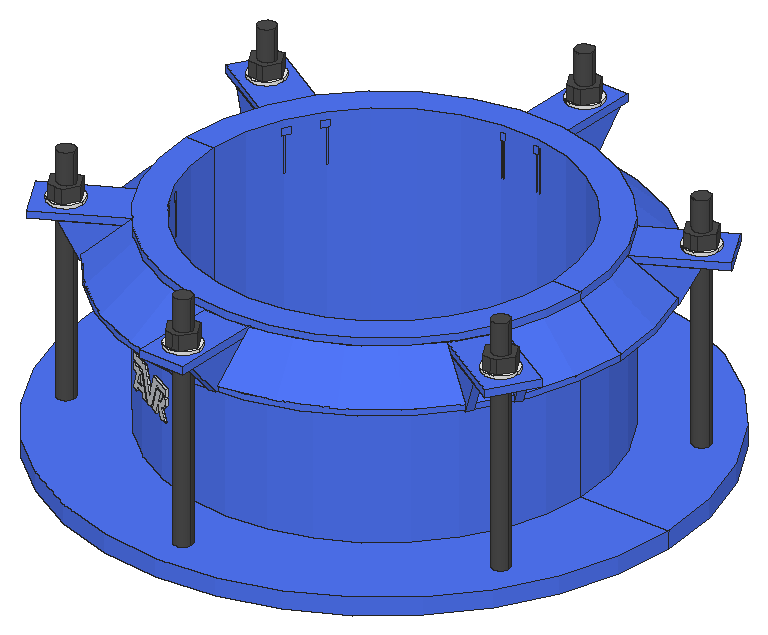
Revit family "603-A-4100-DN250", category Pipe Accessories, Revit 2019
Family settings
  Round Connector Dimension = Use Diameter
  Part Type = Valve - Breaks Into
  Work Plane-Based = No
  Always vertical = Yes
  Cut with Voids When Loaded = No
  Shared = No
Parameters (values of type "603-306-000-4100_DN250")
  Washer_ref = size_lookup(Search_table, "Washer_ref", 0 mm, [Nomianal_Diameter(DN)])  # 144 mm
  Washer = 3 mm  # constant formula
  URL product pages = "https://www.avkvalves.com/P.aspx?no=6031830604100"
  Search_table = "603-A-4100-DN250"
  Rib_width = size_lookup(Search_table, "Rib_width", 0 mm, [Nomianal_Diameter(DN)])  # 410 mm
  Rib_length = 32 mm  # constant formula
  Rib_Thickness = 5 mm  # constant formula
  PCD = size_lookup(Search_table, "PCD", 0 mm, [Nomianal_Diameter(DN)])  # 370 mm
  Nut = 10 mm  # constant formula
  Length = size_lookup(Search_table, "Length", 0 mm, [Nomianal_Diameter(DN)])  # 117 mm
  L1 = size_lookup(Search_table, "L1", 0 mm, [Nomianal_Diameter(DN)])  # 58 mm
  L3 = size_lookup(Search_table, "L3", 0 mm, [Nomianal_Diameter(DN)]) - 7 mm  # 112 mm
  L = size_lookup(Search_table, "L", 0 mm, [Nomianal_Diameter(DN)])  # 182 mm
  ID = [Nomianal_Diameter(DN)] / 2  # 125.05 mm
  Nomianal_Diameter(DN) = 250.1 mm
  H1 = size_lookup(Search_table, "H1", 0 mm, [Nomianal_Diameter(DN)])  # 35 mm
  Description_ = "AVK UNIVERSAL SUPA® FLANGE ADAPTOR"
  DN250_266- 292 = "603-292-002-4100"
  DN250_266-292 = "603-292-000-4100"
  DN250_ 280-306 = "603-306-000-4100"
  DN250_242-268 = "603-268-000-4100"
  D4 = (PCD / 2) + Bottom_Flange_Thicckness  # 197 mm
  D3 = (D2 * 1.2)  # 174.6 mm
  D2 = size_lookup(Search_table, "D2", 0 mm, [Nomianal_Diameter(DN)]) / 2  # 145.5 mm
  D = size_lookup(Search_table, "D", 0 mm, [Nomianal_Diameter(DN)]) / 2  # 210 mm
  Bottom_Flange_Thicckness = 12 mm  # constant formula
  Bottm_height = size_lookup(Search_table, "Bottm_height", 0 mm, [Nomianal_Diameter(DN)])  # 7 mm
  Bottm_cut = size_lookup(Search_table, "Bottm_cut", 0 mm, [Nomianal_Diameter(DN)]) / 2  # 159.5 mm
  Bolt_width = 20 mm  # constant formula
  Bolt_ref = size_lookup(Search_table, "Bolt_ref", 0 mm, [Nomianal_Diameter(DN)])  # 154 mm
Types (5, lengths in mm): name | ID | Nomianal_Diameter(DN) | D
  (no name) | 125.05 | 250.1 | 210
  603-268-000-4100_DN250 | 125 | 250 | 203
  603-292-000-4100_DN250 | 125 | 250 | 203
  603-292-002-4100_DN250 | 125 | 250 | 203
  603-306-000-4100_DN250 | 125.05 | 250.1 | 210
Reference planes
  plane 1 "Center (Front/Back)": y = 0
  plane 2: z = 0
  plane 3 "Center (Left/Right)": x = 0
  plane 4: y = 205
  plane 5: y = -205
  plane 6: x = -205
  plane 7: x = 205
  plane 8: z = 117
  plane 9: z = 159
  plane 10: y = -12.5
  plane 11: y = 12.5
  plane 12: x = 11
  plane 13: x = -11
  plane 14: y = 185
  plane 15: y = -185
  plane 16: x = 0
  plane 17: x = 0
  plane 18: y = -175
  plane 19: y = -195
  plane 20: x = -5
  plane 21: x = 5
  plane 22: x = 5
  plane 23: x = -5
  plane 24: x = 11
  plane 25: x = -11
  plane 26: y = 185
  plane 27: y = 195
  plane 28: y = 175
  plane 29: x = -5
  plane 30: x = 5
  plane 31: x = 11
  plane 32: x = -11
  plane 33: x = 11
  plane 34: x = -11
  plane 35: x = 64.5
  plane 36: x = -64.5
  plane 37: y = 64.5
  plane 38: y = -64.5
  plane 39: y = 185
  plane 40: y = -185
  plane 41: y = -185
  plane 42: y = 185
  plane 43: z = -7
  plane 44: x = -210
  plane 45: x = 210
  plane 46: through (0, 0, 1200) normal (-0.5, -0.866, 0)
  plane 47: through (0, 0, 1200) normal (-0.5, 0.866, 0)
  plane 48: through (0, 0, 1200) normal (-0.866, -0.5, 0)
  plane 49: through (0, 0, 1200) normal (-0.866, 0.5, 0)
  plane 50: through (0, 0, 1200) normal (-0.866, -0.5, 0)
  plane 51: through (0, 0, 1200) normal (-0.866, 0.5, 0)
  plane 52: through (0, 0, 1200) normal (-0.866, -0.5, 0)
  plane 53: through (0, 0, 1200) normal (-0.866, 0.5, 0)
Forms (mm)
  Revolve 1, solid, material "Plastic"
    sketch origin (0, 0, 0) x (1, 0, 0) y (0, 0, 1)
      loop
        line (0, 0) -> (210, 0) -> (210, 12) -> (145.5, 12) -> (145.5, 112) -> (174.6, 112) -> (174.6, 116) -> (145.5, 142) -> (145.5, 147) -> (0, 147) -> (0, 0)
      axis (0, 0) -> (0, 147)
    angle from 0 to 360
  Extrusion 2, solid, material "Plastic"
    sketch origin (0, 0, 0) x (1, 0, 0) y (0, 0, 1)
      loop
        line (-16, 142) -> (-16, 137) -> (16, 137) -> (16, 142) -> (-16, 142)
    from -205 to 205
  Extrusion 3, solid, material "Stainless Steel AISI 304"
    sketch origin (0, 0, 0) x (1, 0, 0) y (0, 1, 0)
      loop
        circle (0, 185) r 6
      loop
        circle (0, -185) r 6
    from 12 to 175
  Extrusion 4, solid, material "Plastic"
    sketch origin (0, 0, 0) x (0, 1, 0) y (0, 0, 1)
      loop
        line (197, 137) -> (-197, 137) -> (-174.6, 112) -> (174.6, 112) -> (197, 137)
    from 11 to 16
  Extrusion 5, solid, material "Plastic"
    sketch origin (0, 0, 0) x (0, 1, 0) y (0, 0, 1)
      loop
        line (174.6, 112) -> (197, 137) -> (-197, 137) -> (-174.6, 112) -> (0, 112) -> (174.6, 112)
    from -16 to -11
  Extrusion 6, solid, material "Stainless Steel AISI 304"
    sketch origin (0, 0, 0) x (1, 0, 0) y (0, 1, 0)
      loop
        line (0, -175) -> (-5, -175) -> (-11, -185) -> (-5, -195) -> (0, -195) -> (5, -195) -> (11, -185) -> (5, -175) -> (0, -175)
      loop
        line (0, 195) -> (-5, 195) -> (-11, 185) -> (-5, 175) -> (0, 175) -> (5, 175) -> (11, 185) -> (5, 195) -> (0, 195)
    from 144 to 154
  Extrusion 7, solid, material "Stainless Steel AISI 304(1)"
    sketch origin (0, 0, 0) x (1, 0, 0) y (0, 1, 0)
      loop
        circle (0, 185) r 11.994
      loop
        circle (0, -185) r 12
    from 142 to 144
  Revolve 8, solid, material "Plastic"
    sketch origin (0, 0, 0) x (1, 0, 0) y (0, 0, 1)
      loop
        line (125.05, 0) -> (125.05, -7) -> (159.5, -7) -> (159.5, 0) -> (125.05, 0)
      axis (0, -7) -> (0, 0)
    angle from 0 to 360
  Revolve 9, solid, material "Stainless Steel AISI 304"
    sketch origin (0, 0, 0) x (0, 1, 0) y (0, 0, 1)
      loop
        line (185, 0) -> (170, 0) -> (170, -1.043)
        arc (170, -1.043) -> (177.453, -2.383) -> (185, -3) r 78.7
        line (185, -3) -> (185, 0)
      axis (185, -3) -> (185, 0)
    angle from 0 to 360
  Revolve 10, solid, material "Stainless Steel AISI 304"
    sketch origin (0, 0, 0) x (0, -1, 0) y (0, 0, 1)
      loop
        line (185, 0) -> (170, 0) -> (170, -1.043)
        arc (170, -1.043) -> (177.453, -2.383) -> (185, -3) r 78.7
        line (185, -3) -> (185, 0)
      axis (185, -3) -> (185, 0)
    angle from 0 to 360
  Revolve 11, void
    sketch origin (0, 0, 0) x (1, 0, 0) y (0, 0, 1)
      loop
        line (0, -7) -> (125.05, -7) -> (125.05, 159) -> (0, 159) -> (0, -7)
      axis (0, -7) -> (0, 159)
    angle from 0 to 360
  Revolve 12, void
    sketch origin (0, 0, 0) x (1, 0, 0) y (0, 0, 1)
      loop
        line (125.05, 0) -> (205, 0) -> (205, 5) -> (125.05, 5) -> (125.05, 0)
      axis (0, 0) -> (0, 5)
    angle from 0 to 360
Cuts and joins
  Revolve 11, Revolve 12 cuts Revolve 1
  Revolve 11 cuts Extrusion 2
  Revolve 11 cuts Extrusion 4
  Revolve 11 cuts Extrusion 5
  Revolve 11, Revolve 12 cuts Revolve 8
  Revolve 12 cuts Revolve 9
  Revolve 12 cuts Revolve 10
Dimensions and locks
  "D": Revolve 1 sketch curve to plane 3 "Center (Left/Right)"
  "Bottom_Flange_Thicckness": Revolve 1 sketch curve to Revolve 1 sketch curve
  "L3": Revolve 1 sketch curve to Revolve 1 sketch curve
  "H1": Revolve 1 sketch curve to Revolve 1 sketch curve
  "D2": Revolve 1 sketch curve to Revolve 1 sketch curve  (x2)
  "D3": Revolve 1 sketch curve to Revolve 1 sketch curve
  equal spacing: Extrusion 2 sketch curve, plane 3 "Center (Left/Right)", Extrusion 2 sketch curve
  "Rib_length": Extrusion 2 sketch curve to Extrusion 2 sketch curve
  equal spacing: plane 4, plane 1 "Center (Front/Back)", plane 5
  "Rib_width": plane 4 to plane 5
  equal spacing: plane 6, plane 3 "Center (Left/Right)", plane 7
  "Rib_width": plane 6 to plane 7
  equal spacing: Extrusion 3 sketch curve, plane 1 "Center (Front/Back)", Extrusion 3 sketch curve
  "PCD": Extrusion 3 sketch curve to Extrusion 3 sketch curve
  "Rib_Thickness": Extrusion 2 sketch curve to Extrusion 2 sketch curve
  equal spacing: Extrusion 4 sketch curve, plane 1 "Center (Front/Back)", Extrusion 4 sketch curve  (x2)
  "D3": Extrusion 4 sketch curve to plane 1 "Center (Front/Back)"
  "D4": Extrusion 4 sketch curve to plane 1 "Center (Front/Back)"
  "Rib_Thickness": Extrusion 2 to plane 12
  "Rib_Thickness": Extrusion 2 to plane 13
  equal spacing: plane 14, plane 1 "Center (Front/Back)", plane 15
  "PCD": plane 14 to plane 15
  equal spacing: plane 20, plane 17, plane 21
  equal spacing: plane 18, plane 15, plane 19
  plane 20 to plane 21 = 10 mm
  "Bolt_width": plane 18 to plane 19
  equal spacing: plane 29, plane 17, plane 30
  equal spacing: plane 28, plane 26, plane 27
  plane 29 to plane 30 = 10 mm
  "Bolt_width": plane 28 to plane 27
  "ID": Revolve 8 sketch curve to plane 3 "Center (Left/Right)"
  "Bottm_cut": Revolve 8 sketch curve to plane 3 "Center (Left/Right)"
  "Rib_Thickness": Revolve 1 sketch curve to Revolve 1 sketch curve
  plane 39 to Revolve 9 sketch curve = 15 mm
  equal spacing: plane 39, plane 1 "Center (Front/Back)", plane 40
  "PCD": plane 39 to plane 40
  plane 41 to Revolve 10 sketch curve = 15 mm
  "PCD": plane 41 to plane 42
  equal spacing: plane 42, plane 1 "Center (Front/Back)", plane 41
  equal spacing: plane 45, plane 3 "Center (Left/Right)", plane 44
  plane 45 to plane 44 = 420 mm
  "D": plane 45 to plane 3 "Center (Left/Right)"
  "Washer_ref": Extrusion 7 to level
  "Bolt_ref": Extrusion 6 to level
  "ID": Revolve 11 sketch curve to Revolve 11 sketch curve
  equal spacing: Extrusion 7 sketch curve, plane 1 "Center (Front/Back)", Extrusion 7 sketch curve
  "PCD": Extrusion 7 sketch curve to Extrusion 7 sketch curve
  nested 2 to cut or joined group of Revolve 8, Revolve 11, Revolve 12 = 182 mm
  cut or joined group of Revolve 1, Revolve 11, Revolve 12 to cut or joined group of Revolve 8, Revolve 11, Revolve 12 = 119 mm
  "ID": Revolve 12 sketch curve to plane 3 "Center (Left/Right)"
  locked: Revolve 12 sketch curve to cut or joined group of Revolve 1, Revolve 11, Revolve 12 at 5
  locked: plane 45 to Revolve 12 sketch curve at 5
  nested 2 to cut or joined group of Revolve 1, Revolve 11, Revolve 12 = 170 mm
  locked: nested 2 to plane 11 at 12.5
  radius of Extrusion 7 sketch curve = 11.994 mm
  radius of Extrusion 7 sketch curve = 12 mm
  angle plane 51 to plane 50 = 60.00°
  angle plane 50 to plane 51 = 120.00°
  angle plane 50 to plane 46 = 30.00°
  angle plane 47 to plane 51 = 30.00°
  aligned and locked: level to plane 2
  aligned and locked: Revolve 1 sketch curve to plane 3 "Center (Left/Right)"
  aligned and locked: Revolve 1 sketch curve to Revolve 1 sketch curve
  aligned and locked: Revolve 1 to Extrusion 2 sketch curve
  aligned and locked: plane 4 to Extrusion 2
  aligned and locked: Extrusion 2 to plane 5
  aligned and locked: Extrusion 2 to Extrusion 4 sketch curve
  aligned and locked: Extrusion 4 sketch curve to Revolve 1
  aligned and locked: Extrusion 4 to Extrusion 2
  aligned and locked: Extrusion 4 to plane 12
  aligned and locked: Extrusion 5 sketch curve to Extrusion 4  (x2)
  aligned and locked: Extrusion 5 sketch curve to Revolve 1  (x2)
  aligned and locked: Extrusion 2 to Extrusion 5 sketch curve
  aligned and locked: Extrusion 2 to Extrusion 5
  aligned and locked: plane 13 to Extrusion 5
  aligned and locked: plane 22 to Extrusion 6 sketch curve
  aligned and locked: plane 18 to Extrusion 6 sketch curve  (x2)
  aligned and locked: Extrusion 6 sketch curve to plane 23
  aligned and locked: plane 20 to Extrusion 6 sketch curve
  aligned and locked: plane 19 to Extrusion 6 sketch curve  (x2)
  aligned and locked: Extrusion 6 sketch curve to plane 21
  aligned and locked: plane 24 to Extrusion 6 sketch curve
  aligned and locked: plane 15 to Extrusion 6 sketch curve  (x2)
  aligned and locked: Extrusion 6 sketch curve to plane 25
  aligned and locked: plane 28 to Extrusion 6 sketch curve  (x2)
  aligned and locked: plane 30 to Extrusion 6 sketch curve  (x2)
  aligned and locked: Extrusion 6 sketch curve to plane 29  (x2)
  aligned and locked: plane 27 to Extrusion 6 sketch curve  (x2)
  aligned and locked: plane 34 to Extrusion 6 sketch curve
  aligned and locked: Extrusion 6 sketch curve to plane 33
  aligned and locked: plane 26 to Extrusion 6 sketch curve  (x2)
  aligned and locked: plane 26 to plane 14
  aligned and locked: plane 3 "Center (Left/Right)" to Revolve 8 sketch curve
  aligned and locked: Revolve 1 to Revolve 8
  aligned and locked: Extrusion 3 to Revolve 1
  aligned and locked: plane 39 to Revolve 9 sketch curve
  aligned and locked: Revolve 9 sketch curve to plane 39
  aligned and locked: Revolve 10 sketch curve to plane 41
  aligned and locked: plane 41 to Revolve 10 sketch curve
  aligned and locked: Extrusion 6 to Extrusion 7
  aligned and locked: Revolve 11 sketch curve to plane 3 "Center (Left/Right)"
  aligned and locked: plane 9 to Revolve 11 sketch curve
  aligned and locked: Revolve 11 sketch curve to Revolve 11 sketch curve
  aligned and locked: Revolve 12 sketch curve to cut or joined group of Revolve 1, Revolve 11, Revolve 12
  aligned and locked: plane 3 "Center (Left/Right)" to Revolve 12 sketch curve
  aligned and locked: cut or joined group of Revolve 1, Revolve 11, Revolve 12 to nested 2
Automatic sketch dimensions
  Extrusion 5 sketch curve to plane 1 "Center (Front/Back)" = 0 mm
  Revolve 1 sketch curve to level = 0 mm
  Revolve 1 sketch curve to plane 8 = 1 mm
  Revolve 1 sketch curve to plane 9 = 5.931 mm
  Revolve 1 sketch curve to Revolve 1 sketch curve = 0.201 mm
  Extrusion 3 sketch curve to plane 3 "Center (Left/Right)" = 0 mm  (x2)
  Extrusion 6 sketch curve to plane 3 "Center (Left/Right)" = 0 mm  (x4)
  Extrusion 7 sketch curve to plane 3 "Center (Left/Right)" = 0 mm  (x2)
  Revolve 8 sketch curve to plane 43 = 0 mm
  Revolve 8 sketch curve to level = 0 mm
  level to Revolve 8 sketch curve = 21.248 mm
  Revolve 8 sketch curve to Revolve 8 sketch curve = 16.264 mm
  Revolve 9 sketch curve to level = 0 mm
  Revolve 9 sketch curve to plane 39 = 2.633 mm
  Revolve 9 sketch curve to Revolve 9 sketch curve = 1.043 mm
  Revolve 9 sketch curve to Revolve 9 sketch curve = 3 mm
  Revolve 9 sketch curve to plane 43 = 0.357 mm
  Revolve 9 sketch curve to Revolve 9 sketch curve = 3.881 mm
  Revolve 10 sketch curve to level = 0 mm
  plane 41 to Revolve 10 sketch curve = 2.633 mm
  level to Revolve 10 sketch curve = 1.043 mm
  level to Revolve 10 sketch curve = 3 mm
  plane 43 to Revolve 10 sketch curve = 0.357 mm
  Revolve 10 sketch curve to Revolve 10 sketch curve = 3.881 mm
  Revolve 11 sketch curve to plane 43 = 0 mm
  level to Revolve 11 sketch curve = 58 mm
  Revolve 11 sketch curve to Revolve 11 sketch curve = 25 mm
  level to Revolve 12 sketch curve = 50 mm
  Revolve 12 sketch curve to Revolve 12 sketch curve = 25 mm
  radius of Extrusion 3 sketch curve = 6 mm  (x2)
Nested families
  nested 1: "LOGO - Copy - Copy" at (-68.782, -128.216, 42) x (0.8812, -0.4727, 0) z (-0.4727, -0.8812, 0), type "LOGO - Copy - Copy"
  nested 2: "603-A-4100-DN250" at (0, 0, 0), type "603-268-000-4100_DN250"
Connectors
  piping at (0, 0, 147), diameter 250.1, driven by "Nomianal_Diameter(DN)"
    settings: on Revolve 1, index 1, connector inside diameter 609.6 mm, connector length 0 mm, flow factor 0, pipe flow 0.0 L/s, pressure drop 0.0 Pa, fitting loss kfactor 0, connector angle 0.00°, fixture units 0, engagement length 0 mm, angle of deflection 0.00°, flow configuration 0, flow direction 0, fitting loss method 0, system type 7, joint type 0, gender type 0, connector reference index -1, connector utility 0, adjustable connector no, is connector primary yes, connector description ""
  piping at (0, 0, -7), diameter 250.1, driven by "Nomianal_Diameter(DN)"
    settings: on Revolve 8, index 2, connector inside diameter 609.6 mm, connector length 0 mm, flow factor 0, pipe flow 0.0 L/s, pressure drop 0.0 Pa, fitting loss kfactor 0, connector angle 0.00°, fixture units 0, engagement length 0 mm, angle of deflection 0.00°, flow configuration 0, flow direction 0, fitting loss method 0, system type 7, joint type 0, gender type 0, connector reference index -1, connector utility 0, adjustable connector no, is connector primary no, connector description ""
Definition of nested family "LOGO - Copy - Copy"
  Parameters (values of type "LOGO - Copy - Copy")
    Default Elevation = 1219.2 mm
  Reference planes
    plane 1 "Center (Front/Back)": y = 0
    plane 2: z = 0
    plane 3 "Center (Left/Right)": x = 0
  Forms (mm)
    Extrusion 1, solid
      sketch origin (0, 0, 0) x (1, 0, 0) y (0, 1, 0)
        loop
          line (-1219.2, 1219.2) -> (-1219.2, -1219.2) -> (1219.2, -1219.2) -> (1219.2, 1219.2) -> (-1219.2, 1219.2)
      from 0 to -304.8
    Extrusion 2, solid
      sketch origin (0, 0, 0) x (1, 0, 0) y (0, 1, 0)
        loop
          line (-6.514, 34.224) -> (-24, 34.224) -> (-24, 29.481) -> (-9.766, 29.481) -> (-2.391, 11.367) -> (2.391, 11.367) -> (9.766, 29.481) -> (24, 29.481) -> (24, 34.224) -> (6.514, 34.224) -> (0, 18.224) -> (-6.514, 34.224)
        loop
          line (-10.996, 27.653) -> (-24, 27.653) -> (-24, 23.081) -> (-19.503, 23.081) -> (-24, 11.367) -> (-18.92, 11.367) -> (-17.955, 13.881) -> (-10.51, 13.881) -> (-9.486, 11.367) -> (-4.365, 11.367) -> (-10.996, 27.653)
        loop
          line (-16.777, 18.224) -> (-12.278, 18.224) -> (-14.594, 23.912) -> (-16.777, 18.224)
        loop
          line (4.365, 11.367) -> (9.486, 11.367) -> (12.093, 17.77) -> (16.918, 11.367) -> (22.857, 11.367) -> (17.399, 18.61)
          arc (17.399, 18.61) -> (20.583, 20.18) -> (22.629, 23.081) r 7.2
          line (22.629, 23.081) -> (24, 23.081) -> (24, 27.653) -> (19.429, 27.653)
          arc (19.429, 27.653) -> (17.763, 23.526) -> (13.699, 21.714) r 5.943
          line (13.699, 21.714) -> (16.117, 27.653) -> (10.996, 27.653) -> (4.365, 11.367)
      from 0 to 1
  Dimensions and locks
    aligned and locked: plane 2 to Extrusion 1
    aligned and locked: level to Extrusion 1
    aligned and locked: Extrusion 2 sketch curve to import instance
Definition of nested family "603-A-4100-DN250"
  Parameters (values of type "603-306-000-4100_DN250")
    Washer_ref = size_lookup(Search_table, "Washer_ref", 0 mm, [Nomianal_Diameter(DN)])  # 144 mm
    Washer = 3 mm  # constant formula
    URL product pages = "https://www.avkvalves.com/P.aspx?no=6031830604100"
    Search_table = "603-A-4100-DN250"
    Rib_width = size_lookup(Search_table, "Rib_width", 0 mm, [Nomianal_Diameter(DN)])  # 410 mm
    Rib_length = 32 mm  # constant formula
    Rib_Thickness = 5 mm  # constant formula
    PCD = size_lookup(Search_table, "PCD", 0 mm, [Nomianal_Diameter(DN)])  # 370 mm
    Nut = 10 mm  # constant formula
    Length = size_lookup(Search_table, "Length", 0 mm, [Nomianal_Diameter(DN)])  # 117 mm
    L1 = size_lookup(Search_table, "L1", 0 mm, [Nomianal_Diameter(DN)])  # 58 mm
    L3 = size_lookup(Search_table, "L3", 0 mm, [Nomianal_Diameter(DN)]) - 7 mm  # 112 mm
    L = size_lookup(Search_table, "L", 0 mm, [Nomianal_Diameter(DN)]) - Bottm_height  # 175 mm
    ID = [Nomianal_Diameter(DN)] / 2  # 125.05 mm
    Nomianal_Diameter(DN) = 250.1 mm
    H1 = size_lookup(Search_table, "H1", 0 mm, [Nomianal_Diameter(DN)])  # 35 mm
    Description_ = "AVK UNIVERSAL SUPA® FLANGE ADAPTOR"
    DN250_266- 292 = "603-292-002-4100"
    DN250_266-292 = "603-292-000-4100"
    DN250_ 280-306 = "603-306-000-4100"
    DN250_242-268 = "603-268-000-4100"
    D4 = (PCD / 2) + Bottom_Flange_Thicckness  # 197 mm
    D3 = (D2 * 1.2)  # 174.6 mm
    D2 = size_lookup(Search_table, "D2", 0 mm, [Nomianal_Diameter(DN)]) / 2  # 145.5 mm
    D = size_lookup(Search_table, "D", 0 mm, [Nomianal_Diameter(DN)]) / 2  # 210 mm
    Bottom_Flange_Thicckness = 12 mm  # constant formula
    Bottm_height = size_lookup(Search_table, "Bottm_height", 0 mm, [Nomianal_Diameter(DN)])  # 7 mm
    Bottm_cut = size_lookup(Search_table, "Bottm_cut", 0 mm, [Nomianal_Diameter(DN)]) / 2  # 159.5 mm
    Bolt_width = 20 mm  # constant formula
    Bolt_ref = size_lookup(Search_table, "Bolt_ref", 0 mm, [Nomianal_Diameter(DN)])  # 154 mm
  Types (5, lengths in mm): name | ID | Nomianal_Diameter(DN) | D
    (no name) | 125.05 | 250.1 | 210
    603-268-000-4100_DN250 | 125 | 250 | 203
    603-292-000-4100_DN250 | 125 | 250 | 203
    603-292-002-4100_DN250 | 125 | 250 | 203
    603-306-000-4100_DN250 | 125.05 | 250.1 | 210
  Reference planes
    plane 1 "Center (Front/Back)": y = 0
    plane 2: z = 0
    plane 3 "Center (Left/Right)": x = 0
    plane 4: y = 205
    plane 5: y = -205
    plane 6: x = -205
    plane 7: x = 205
    plane 8: z = 117
    plane 9: z = 159
    plane 10: y = -12.5
    plane 11: y = 12.5
    plane 12: x = 11
    plane 13: x = -11
    plane 14: x = 0
    plane 15: x = 0
    plane 16: x = -5
    plane 17: x = 5
    plane 18: x = 11
    plane 19: x = -11
    plane 20: x = 64.5
    plane 21: x = -64.5
    plane 22: y = 64.5
    plane 23: y = -64.5
    plane 24: z = -7
    plane 25: x = -210
    plane 26: x = 210
    plane 27: through (0, 0, 1200) normal (-0.5, -0.866, 0)
    plane 28: through (0, 0, 1200) normal (-0.5, 0.866, 0)
    plane 29: through (601.785, -1412.323, 12) normal (0.866, 0.5, 0)
    plane 30: through (922.215, -1227.323, 12) normal (0.866, 0.5, 0)
    plane 31: through (614.776, -1404.823, 0) normal (0.866, 0.5, 0)
    plane 32: z = -1.012
    plane 33: y = 92.5
    plane 34: y = 92.5
    plane 35: y = 102.5
    plane 36: y = 82.5
    plane 37: through (0, 0, 1200) normal (-0.866, -0.5, 0)
    plane 38: through (0, 0, 1200) normal (-0.866, 0.5, 0)
    plane 39: through (0, 0, 1200) normal (-0.866, -0.5, 0)
    plane 40: through (0, 0, 1200) normal (-0.866, 0.5, 0)
    plane 41: through (0, 0, 1200) normal (-0.866, -0.5, 0)
    plane 42: through (0, 0, 1200) normal (-0.866, 0.5, 0)
    plane 43: x = 0
    plane 44: x = 0
    plane 45: x = 5
    plane 46: x = -5
    plane 47: x = -11
    plane 48: x = 11
    plane 49: y = 92.5
    plane 50: y = 92.5
    plane 51: y = 102.5
    plane 52: y = 82.5
    plane 53: through (0, 0, 1200) normal (-0.866, 0.5, 0)
    plane 54: through (0, 0, 1200) normal (-0.866, -0.5, 0)
    plane 55: x = 0
    plane 56: x = 0
    plane 57: x = -5
    plane 58: x = 5
    plane 59: x = 11
    plane 60: x = -11
    plane 61: y = -92.5
    plane 62: y = -92.5
    plane 63: y = -102.5
    plane 64: y = -82.5
    plane 65: through (0, 0, 1200) normal (0.866, -0.5, 0)
    plane 66: through (0, 0, 1200) normal (0.866, 0.5, 0)
    plane 67: x = 0
    plane 68: x = 0
    plane 69: x = 5
    plane 70: x = -5
    plane 71: x = -11
    plane 72: x = 11
    plane 73: y = -92.5
    plane 74: y = -92.5
    plane 75: y = -102.5
    plane 76: y = -82.5
    plane 77: through (0, 0, 1200) normal (0.866, 0.5, 0)
    plane 78: through (0, 0, 1200) normal (0.866, -0.5, 0)
    plane 79: through (601.785, 1412.323, 12) normal (-0.866, 0.5, 0)
    plane 80: through (922.215, 1227.323, 12) normal (-0.866, 0.5, 0)
    plane 81: through (614.776, 1404.823, 0) normal (-0.866, 0.5, 0)
    plane 82: z = -1.012
    plane 83: through (-601.785, -1412.323, 12) normal (0.866, -0.5, 0)
    plane 84: through (-922.215, -1227.323, 12) normal (0.866, -0.5, 0)
    plane 85: through (-614.776, -1404.823, 0) normal (0.866, -0.5, 0)
    plane 86: z = -1.012
    plane 87: through (-601.785, 1412.323, 12) normal (-0.866, -0.5, 0)
    plane 88: through (-922.215, 1227.323, 12) normal (-0.866, -0.5, 0)
    plane 89: through (-614.776, 1404.823, 0) normal (-0.866, -0.5, 0)
    plane 90: z = -1.012
  Forms (mm)
    Extrusion 1, solid
      sketch origin (0, 0, 0) x (0.5, 0.866025, 0) y (0, 0, 1)
        loop
          line (17.5, 142) -> (-17.5, 142) -> (-17.5, 137) -> (17.5, 137) -> (17.5, 142)
      from -205 to 205
    Extrusion 2, solid
      sketch origin (0, 0, 0) x (1, 0, 0) y (0, 1, 0)
        loop
          circle (-160.215, 92.5) r 6
        loop
          circle (160.215, 92.5) r 6
        loop
          circle (-160.215, -92.5) r 6
        loop
          circle (160.215, -92.5) r 6
      from 12 to 175
    Extrusion 3, solid
      sketch origin (0, 0, 0) x (0.866025, -0.5, 0) y (0, 0, 1)
        loop
          line (-174.6, 112) -> (0, 112) -> (174.6, 112) -> (187, 137) -> (0, 137) -> (-187, 137) -> (-174.6, 112)
      from 12.5 to 17.5
    Extrusion 4, solid
      sketch origin (0, 0, 0) x (0.866025, -0.5, 0) y (0, 0, 1)
        loop
          line (174.6, 112) -> (187, 137) -> (-187, 137) -> (-174.6, 112) -> (174.6, 112)
      from -17.5 to -12.5
    Extrusion 5, solid
      sketch origin (0, 0, 0) x (1, 0, 0) y (0, 1, 0)
        loop
          line (-160.308, 102.5) -> (-165.308, 102.5) -> (-171.308, 92.5) -> (-165.308, 82.5) -> (-160.308, 82.5) -> (-155.308, 82.5) -> (-149.308, 92.5) -> (-155.308, 102.5) -> (-160.308, 102.5)
      from 144 to 154
    Extrusion 6, solid
      sketch origin (0, 0, 0) x (1, 0, 0) y (0, 1, 0)
        loop
          circle (-160.215, 92.5) r 12
        loop
          circle (160.215, 92.5) r 12
        loop
          circle (-160.215, -92.5) r 12
        loop
          circle (160.215, -92.5) r 12
      from 142 to 144
    Extrusion 7, solid
      sketch origin (0, 0, 0) x (-0.5, 0.866025, 0) y (0, 0, -1)
        loop
          line (17.5, -142) -> (17.5, -137) -> (-17.5, -137) -> (-17.5, -142) -> (17.5, -142)
      from -205 to 205
    Extrusion 8, solid
      sketch origin (0, 0, 0) x (-0.866025, -0.5, 0) y (0, 0, -1)
        loop
          line (-174.6, -112) -> (-187, -137) -> (0, -137) -> (187, -137) -> (174.6, -112) -> (0, -112) -> (-174.6, -112)
      from 12.5 to 17.5
    Extrusion 9, solid
      sketch origin (0, 0, 0) x (-0.866025, -0.5, 0) y (0, 0, -1)
        loop
          line (174.6, -112) -> (-174.6, -112) -> (-187, -137) -> (187, -137) -> (174.6, -112)
      from -17.5 to -12.5
    Revolve 10, solid
      sketch origin (-8.66, -5, 0) x (0.866025, 0.5, 0) y (0, 0, 1)
        loop
          line (-175, 0) -> (-175, -2.588)
          arc (-175, -2.588) -> (-167.462, -2.16) -> (-160, -1.012) r 78.744
          line (-160, -1.012) -> (-160, 0) -> (-175, 0)
        axis (-175, -2.588) -> (-175, 0)
      angle from 0 to 360
    Revolve 11, void
      sketch origin (0, 0, 0) x (1, 0, 0) y (0, 0, 1)
        loop
          line (0, -7) -> (125.05, -7) -> (125.05, 159) -> (0, 159) -> (0, -7)
        axis (0, -7) -> (0, 159)
      angle from 0 to 360
    Extrusion 12, solid
      sketch origin (0, 0, 0) x (-1, 0, 0) y (0, -1, 0)
        loop
          line (-160.308, -102.5) -> (-155.308, -102.5) -> (-149.308, -92.5) -> (-155.308, -82.5) -> (-160.308, -82.5) -> (-165.308, -82.5) -> (-171.308, -92.5) -> (-165.308, -102.5) -> (-160.308, -102.5)
      from 144 to 154
    Extrusion 13, solid
      sketch origin (0, 0, 0) x (1, 0, 0) y (0, 1, 0)
        loop
          line (-160.308, -102.5) -> (-155.308, -102.5) -> (-149.308, -92.5) -> (-155.308, -82.5) -> (-160.308, -82.5) -> (-165.308, -82.5) -> (-171.308, -92.5) -> (-165.308, -102.5) -> (-160.308, -102.5)
      from 144 to 154
    Extrusion 14, solid
      sketch origin (0, 0, 0) x (-1, 0, 0) y (0, -1, 0)
        loop
          line (-160.308, 102.5) -> (-165.308, 102.5) -> (-171.308, 92.5) -> (-165.308, 82.5) -> (-160.308, 82.5) -> (-155.308, 82.5) -> (-149.308, 92.5) -> (-155.308, 102.5) -> (-160.308, 102.5)
      from 144 to 154
    Revolve 15, solid
      sketch origin (-8.66, 5, 0) x (0.866025, -0.5, 0) y (0, 0, -1)
        loop
          line (-175, 0) -> (-160, 0) -> (-160, 1.012)
          arc (-160, 1.012) -> (-167.462, 2.16) -> (-175, 2.588) r 78.744
          line (-175, 2.588) -> (-175, 0)
        axis (-175, 2.588) -> (-175, 0)
      angle from 0 to 360
    Revolve 16, solid
      sketch origin (8.66, -5, 0) x (-0.866025, 0.5, 0) y (0, 0, -1)
        loop
          line (-175, 0) -> (-160, 0) -> (-160, 1.012)
          arc (-160, 1.012) -> (-167.462, 2.16) -> (-175, 2.588) r 78.744
          line (-175, 2.588) -> (-175, 0)
        axis (-175, 2.588) -> (-175, 0)
      angle from 0 to 360
    Revolve 17, solid
      sketch origin (8.66, 5, 0) x (-0.866025, -0.5, 0) y (0, 0, 1)
        loop
          line (-175, 0) -> (-175, -2.588)
          arc (-175, -2.588) -> (-167.462, -2.16) -> (-160, -1.012) r 78.744
          line (-160, -1.012) -> (-160, 0) -> (-175, 0)
        axis (-175, -2.588) -> (-175, 0)
      angle from 0 to 360
  Cuts and joins
    Revolve 11 cuts Extrusion 1
    Revolve 11 cuts Extrusion 3
    Revolve 11 cuts Extrusion 4
    Revolve 11 cuts Extrusion 7
    Revolve 11 cuts Extrusion 8
    Revolve 11 cuts Extrusion 9
  Dimensions and locks
    equal spacing: plane 4, plane 1 "Center (Front/Back)", plane 5
    "Rib_width": plane 4 to plane 5
    Extrusion 1 sketch curve to Extrusion 1 sketch curve = 35 mm
    "H1": Extrusion 1 sketch curve to Extrusion 1 sketch curve
    equal spacing: plane 6, plane 3 "Center (Left/Right)", plane 7
    "Rib_width": plane 6 to plane 7
    "Length": plane 8 to level
    "Rib_Thickness": Extrusion 1 sketch curve to Extrusion 1 sketch curve
    Extrusion 3 sketch curve to Extrusion 3 sketch curve = 349.2 mm
    Extrusion 3 sketch curve to Extrusion 3 sketch curve = 374 mm
    equal spacing: plane 16, plane 15, plane 17
    equal spacing: plane 26, plane 3 "Center (Left/Right)", plane 25
    plane 26 to plane 25 = 420 mm
    "D": plane 26 to plane 3 "Center (Left/Right)"
    "L": Extrusion 2 to level
    "Washer_ref": Extrusion 6 to level
    "Bolt_ref": Extrusion 5 to level
    Extrusion 7 sketch curve to Extrusion 7 sketch curve = 35 mm
    "H1": Extrusion 7 sketch curve to Extrusion 7 sketch curve
    "Rib_Thickness": Extrusion 7 sketch curve to Extrusion 7 sketch curve
    Extrusion 8 sketch curve to Extrusion 8 sketch curve = 349.2 mm
    Extrusion 8 sketch curve to Extrusion 8 sketch curve = 374 mm
    "PCD": plane 30 to plane 29
    plane 31 to plane 29 = 15 mm
    plane 29 to plane 30 = 370 mm
    equal spacing: plane 36, plane 34, plane 35
    "Bolt_width": plane 36 to plane 35
    "ID": Revolve 11 sketch curve to Revolve 11 sketch curve
    equal spacing: Extrusion 2 sketch curve, plane 37, Extrusion 2 sketch curve
    "PCD": Extrusion 2 sketch curve to Extrusion 2 sketch curve  (x2)
    equal spacing: Extrusion 2 sketch curve, plane 38, Extrusion 2 sketch curve
    equal spacing: Extrusion 6 sketch curve, plane 41, Extrusion 6 sketch curve
    "PCD": Extrusion 6 sketch curve to Extrusion 6 sketch curve  (x2)
    equal spacing: Extrusion 6 sketch curve, plane 42, Extrusion 6 sketch curve
    equal spacing: plane 45, plane 44, plane 46
    equal spacing: plane 52, plane 50, plane 51
    "Bolt_width": plane 52 to plane 51
    equal spacing: plane 57, plane 56, plane 58
    equal spacing: plane 64, plane 62, plane 63
    "Bolt_width": plane 64 to plane 63
    equal spacing: plane 69, plane 68, plane 70
    equal spacing: plane 76, plane 74, plane 75
    "Bolt_width": plane 76 to plane 75
    "PCD": plane 80 to plane 79
    plane 81 to plane 79 = 15 mm
    plane 79 to plane 80 = 370 mm
    "PCD": plane 84 to plane 83
    plane 85 to plane 83 = 15 mm
    plane 83 to plane 84 = 370 mm
    "PCD": plane 88 to plane 87
    plane 89 to plane 87 = 15 mm
    plane 87 to plane 88 = 370 mm
    radius of Extrusion 6 sketch curve = 12 mm
    aligned and locked: level to plane 2
    aligned and locked: Extrusion 1 to Extrusion 3 sketch curve  (x2)
    aligned and locked: Extrusion 3 to Extrusion 1
    aligned and locked: Extrusion 4 sketch curve to Extrusion 3  (x3)
    aligned and locked: Extrusion 1 to Extrusion 4
    aligned and locked: Extrusion 5 to Extrusion 6
    aligned and locked: Extrusion 8 sketch curve to Extrusion 7  (x2)
    aligned and locked: Extrusion 8 to Extrusion 7
    aligned and locked: Extrusion 8 to Extrusion 9 sketch curve  (x2)
    aligned and locked: Extrusion 9 sketch curve to Extrusion 8
    aligned and locked: Extrusion 7 to Extrusion 9
    aligned and locked: plane 29 to Revolve 10 sketch curve  (x2)
    aligned and locked: plane 31 to Revolve 10 sketch curve
    aligned and locked: plane 32 to Revolve 10 sketch curve
    aligned and locked: Extrusion 5 sketch curve to plane 36  (x2)
    aligned and locked: Extrusion 5 sketch curve to plane 35  (x2)
    aligned and locked: Extrusion 5 sketch curve to plane 34  (x2)
    aligned and locked: plane 33 to plane 34
    aligned and locked: Revolve 11 sketch curve to plane 3 "Center (Left/Right)"
    aligned and locked: plane 9 to Revolve 11 sketch curve
    aligned and locked: Revolve 11 sketch curve to Revolve 11 sketch curve
    aligned and locked: plane 52 to Extrusion 12 sketch curve
    aligned and locked: Extrusion 12 sketch curve to plane 52
    aligned and locked: Extrusion 12 sketch curve to plane 51
    aligned and locked: plane 51 to Extrusion 12 sketch curve
    aligned and locked: plane 50 to Extrusion 12 sketch curve  (x2)
    aligned and locked: plane 50 to plane 49
    aligned and locked: plane 64 to Extrusion 13 sketch curve
    aligned and locked: Extrusion 13 sketch curve to plane 64
    aligned and locked: Extrusion 13 sketch curve to plane 63
    aligned and locked: plane 63 to Extrusion 13 sketch curve
    aligned and locked: plane 62 to Extrusion 13 sketch curve  (x2)
    aligned and locked: plane 62 to plane 61
    aligned and locked: Extrusion 14 sketch curve to plane 76  (x2)
    aligned and locked: Extrusion 14 sketch curve to plane 75  (x2)
    aligned and locked: Extrusion 14 sketch curve to plane 74  (x2)
    aligned and locked: plane 73 to plane 74
    aligned and locked: plane 79 to Revolve 15 sketch curve  (x2)
    aligned and locked: plane 81 to Revolve 15 sketch curve
    aligned and locked: plane 82 to Revolve 15 sketch curve
    aligned and locked: plane 83 to Revolve 16 sketch curve  (x2)
    aligned and locked: plane 85 to Revolve 16 sketch curve
    aligned and locked: plane 86 to Revolve 16 sketch curve
    aligned and locked: plane 87 to Revolve 17 sketch curve  (x2)
    aligned and locked: plane 89 to Revolve 17 sketch curve
    aligned and locked: plane 90 to Revolve 17 sketch curve
  Automatic sketch dimensions
    Extrusion 3 sketch curve to Extrusion 3 sketch curve = 12.4 mm  (x2)
    Extrusion 3 sketch curve to Extrusion 3 sketch curve = 174.6 mm  (x2)
    Extrusion 3 sketch curve to Extrusion 3 sketch curve = 0 mm
    Extrusion 8 sketch curve to plane 8 = 5 mm
    Extrusion 8 sketch curve to Extrusion 8 sketch curve = 12.4 mm  (x2)
    Extrusion 8 sketch curve to Extrusion 8 sketch curve = 174.6 mm  (x2)
    Extrusion 8 sketch curve to Extrusion 8 sketch curve = 0 mm
    Extrusion 9 sketch curve to plane 8 = 5 mm
    Extrusion 3 sketch curve to plane 8 = 5 mm
    Extrusion 4 sketch curve to plane 8 = 5 mm
    plane 27 to Extrusion 1 sketch curve = 17.5 mm
    plane 8 to Extrusion 1 sketch curve = 20 mm
    plane 28 to Extrusion 2 sketch curve = 0 mm  (x2)
    plane 27 to Extrusion 2 sketch curve = 0 mm  (x2)
    Extrusion 5 sketch curve to plane 6 = 33.692 mm
    Extrusion 5 sketch curve to Extrusion 5 sketch curve = 6 mm  (x3)
    Extrusion 5 sketch curve to Extrusion 5 sketch curve = 5 mm  (x4)
    plane 28 to Extrusion 6 sketch curve = 0 mm  (x2)
    plane 27 to Extrusion 6 sketch curve = 0 mm  (x2)
    plane 28 to Extrusion 7 sketch curve = 17.5 mm
    Extrusion 7 sketch curve to plane 9 = 17 mm
    Revolve 10 sketch curve to level = 0 mm
    Revolve 10 sketch curve to plane 29 = 0.693 mm
    Revolve 10 sketch curve to level = 2.588 mm
    Revolve 10 sketch curve to plane 24 = 0.648 mm
    Revolve 10 sketch curve to Revolve 10 sketch curve = 3.741 mm
    Revolve 11 sketch curve to plane 24 = 0 mm
    level to Revolve 11 sketch curve = 58 mm
    Revolve 11 sketch curve to Revolve 11 sketch curve = 25 mm
    Extrusion 12 sketch curve to plane 7 = 33.692 mm
    Extrusion 12 sketch curve to Extrusion 12 sketch curve = 6 mm  (x3)
    Extrusion 12 sketch curve to Extrusion 12 sketch curve = 5 mm  (x4)
    plane 6 to Extrusion 13 sketch curve = 33.692 mm
    Extrusion 13 sketch curve to Extrusion 13 sketch curve = 6 mm  (x3)
    Extrusion 13 sketch curve to Extrusion 13 sketch curve = 5 mm  (x4)
    plane 7 to Extrusion 14 sketch curve = 33.692 mm
    Extrusion 14 sketch curve to Extrusion 14 sketch curve = 6 mm  (x3)
    Extrusion 14 sketch curve to Extrusion 14 sketch curve = 5 mm  (x4)
    level to Revolve 15 sketch curve = 0 mm
    Revolve 15 sketch curve to plane 79 = 0.693 mm
    Revolve 15 sketch curve to plane 8 = 40.847 mm
    Revolve 15 sketch curve to plane 24 = 0.648 mm
    Revolve 15 sketch curve to Revolve 15 sketch curve = 3.741 mm
    Revolve 16 sketch curve to level = 0 mm
    Revolve 16 sketch curve to plane 83 = 0.693 mm
    Revolve 16 sketch curve to plane 8 = 40.847 mm
    Revolve 16 sketch curve to plane 24 = 0.648 mm
    Revolve 16 sketch curve to Revolve 16 sketch curve = 3.741 mm
    level to Revolve 17 sketch curve = 0 mm
    Revolve 17 sketch curve to plane 87 = 0.693 mm
    Revolve 17 sketch curve to level = 2.588 mm
    Revolve 17 sketch curve to plane 24 = 0.648 mm
    Revolve 17 sketch curve to Revolve 17 sketch curve = 3.741 mm
    radius of Extrusion 2 sketch curve = 6 mm  (x4)
    radius of Extrusion 6 sketch curve = 12 mm  (x3)
